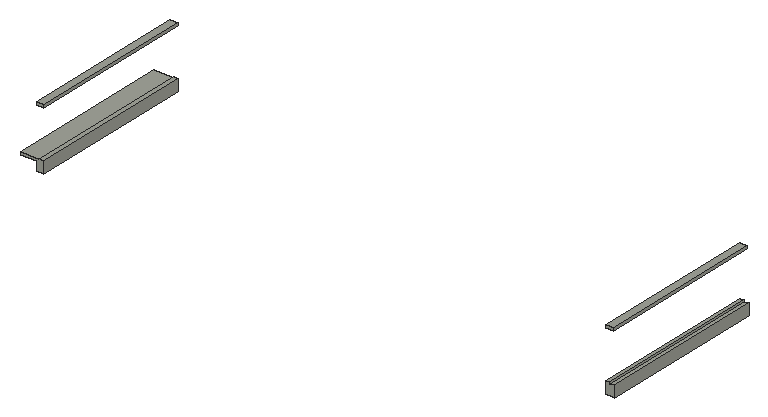
Revit family "CT_Bloco_G_Perfil", category Structural Framing, Revit 2025
Family settings
  Display in Hidden Views = Edges Hidden by Other Members
  Structural Framing Length Roundoff = 0.000 m
  Section Shape = Not Defined
  Material for Model Behavior = Concrete
  Always export as geometry = No
  Work Plane-Based = No
  Always vertical = Yes
  Cut with Voids When Loaded = Yes
  Symbolic Representation = From Family
  Shared = No
  Show family pre-cut in plan views = Yes
Parameters
  Structural Material [instance] = CT_Concreto
  Material_Viga_Janela [instance] = CT_Concreto
  Comprimento [instance] = 7.500 m
Reference planes (m)
  plane 1 "Centro (Frente/Trás)": y = 0
  plane 2: z = 0
  plane 3 "Centro (Esquerda/Direita)": x = 0
  plane 4: x = -15.9999
  plane 5: x = 9.1749
  plane 6: x = -5.2749
  plane 7: x = -2.2249
  plane 8: z = 4.76
  plane 9: z = 9.16
Forms (m)
  Extrusion 1, solid, material "CT_Concreto" <- "Structural Material"
    sketch origin (0, 0, 0.06) x (1, 0, 0) y (0, 0, 1)
      loop
        line (-15.9999, 4.7) -> (-16.1999, 4.7) -> (-16.1999, 4.65) -> (-17.0749, 4.65) -> (-17.0749, 4.55) -> (-16.3499, 4.55) -> (-16.3499, 4.19) -> (-16.3499, 4.15) -> (-15.9999, 4.15) -> (-15.9999, 4.7)
      loop
        line (9.5749, 4.15) -> (9.5749, 4.65) -> (9.3749, 4.65) -> (9.3749, 4.7) -> (9.1749, 4.7) -> (9.1749, 4.15) -> (9.5749, 4.15)
    from 0 to 7.5
  Extrusion 2, solid, material "CT_Concreto" <- "Material_Viga_Janela"
    sketch origin (0, 0, 0.06) x (1, 0, 0) y (0, 0, 1)
      loop
        line (-15.9999, 6.92) -> (-16.3499, 6.92) -> (-16.3499, 6.82) -> (-15.9999, 6.82) -> (-15.9999, 6.92)
      loop
        line (9.5249, 6.92) -> (9.1749, 6.92) -> (9.1749, 6.82) -> (9.5249, 6.82) -> (9.5249, 6.92)
    from 0 to 7.5
Dimensions and locks (m)
  locked: plane 5 to plane 4 at 25.1748
  locked: plane 8 to level at 4.76
  locked: plane 9 to plane 8 at 4.4
  aligned and locked: level to plane 2
  aligned and locked: Extrusion 2 to Extrusion 1  (x3)
  aligned and locked: Extrusion 1 to Extrusion 2
